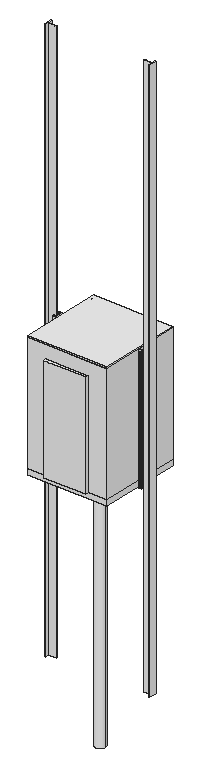
Revit family "Elevator-Hydraulic", category Specialty Equipment, Revit 2021
Family settings
  Round Connector Dimension = Use Diameter
  Part Type = Normal
  Work Plane-Based = No
  Always vertical = Yes
  Cut with Voids When Loaded = No
  Shared = No
  Room Calculation Point = No
Parameters (values of type "1500 lbs")
  Default Elevation = 0' - 0"
  Cab Location = 12' - 0"
  Width = 6' - 8"
  Pit Depth = 4' - 0"
  Height [instance] = 36' - 0"
  Door Opening = 2' - 8"
  Depth = Cab Depth + 0' 9"  # 5' - 9"
  Cab Width = 4' - 10"
  Cab Height = 7' - 6"
  Cab Depth = 5' - 0"
Types (6): name | Width | Door Opening | Depth | Cab Width | Cab Depth
  (no name) | 6' - 8" | 2' - 8" | 5' - 9" | 4' - 10" | 5' - 0"
  1500 lbs | 6' - 8" | 2' - 8" | 5' - 9" | 4' - 10" | 5' - 0"
  2000 lbs | 7' - 4" | 3' - 0" | 5' - 9" | 6' - 0" | 5' - 0"
  2500 lbs | 8' - 4" | 3' - 6" | 5' - 9" | 7' - 0" | 5' - 0"
  3000 lbs | 8' - 4" | 3' - 6" | 6' - 3" | 7' - 0" | 5' - 6"
  3500 lbs | 8' - 4" | 4' - 0" | 6' - 11" | 7' - 0" | 6' - 2"
Reference planes (in)
  plane 1 "Center (Front/Back)": y = 0.1111
  plane 2: z = 0
  plane 3 "Center (Left/Right)": x = 0.29319
  plane 4 "Back": y = 33.1111
  plane 5 "Front": y = -35.8889
  plane 6 "Left": x = -39.70681
  plane 7 "Right": x = 40.29319
  plane 8: x = -28.70681
  plane 9: y = 30.1111
  plane 10: x = 29.29319
  plane 11: y = -29.8889
  plane 12: z = 432
  plane 13: z = -48
  plane 14: z = 144
  plane 15: z = 234
  plane 16: z = 140
  plane 17: z = 235
  plane 18: x = -15.70681
  plane 19: z = 224
  plane 20: x = 16.29319
Forms (in)
  Extrusion 1, solid, material "Metal - Steel"
    sketch origin (0, 0, 0) x (1, 0, 0) y (0, 1, 0)
      loop
        line (-28.70681, 30.1111) -> (-28.70681, -29.8889) -> (29.29319, -29.8889) -> (29.29319, 30.1111) -> (-28.70681, 30.1111)
      loop
        line (30.79319, -31.3889) -> (30.79319, 31.6111) -> (-30.20681, 31.6111) -> (-30.20681, -31.3889) -> (30.79319, -31.3889)
    from 144 to 234
  Extrusion 2, solid, material "Metal - Steel"
    sketch origin (0, 0, 0) x (1, 0, 0) y (0, 1, 0)
      loop
        circle (0.29319, 0.1111) r 4
    from -48 to 140
  Extrusion 3, solid, material "Metal - Steel"
    sketch origin (0, 0, 0) x (1, 0, 0) y (0, 1, 0)
      loop
        line (-30.20681, 31.6111) -> (-30.20681, -31.3889) -> (30.79319, -31.3889) -> (30.79319, 31.6111) -> (-30.20681, 31.6111)
    from 140 to 144
  Extrusion 4, solid, material "Metal - Steel"
    sketch origin (0, 0, 0) x (1, 0, 0) y (0, 1, 0)
      loop
        line (-30.20681, 31.6111) -> (-30.20681, -31.3889) -> (30.79319, -31.3889) -> (30.79319, 31.6111) -> (-30.20681, 31.6111)
    from 234 to 235
  Extrusion 5, solid, material "Metal - Steel"
    sketch origin (0, 0.25, 0) x (1, 0, 0) y (0, 1, 0)
      loop
        line (-15.70681, -31.8889) -> (-15.70681, -33.8889) -> (16.29319, -33.8889) -> (16.29319, -31.8889) -> (-15.70681, -31.8889)
    from 144 to 224
  Extrusion 6, solid, material "Metal - Steel", detail levels medium+fine
    sketch origin (0, 0, 0) x (1, 0, 0) y (0, 1, 0)
      loop
        line (-39.70681, 3.1111) -> (-39.70681, -2.8889) -> (-39.20681, -2.8889) -> (-39.20681, -0.1389) -> (-32.95681, -0.1389) -> (-32.95681, 0.3611) -> (-39.20681, 0.3611) -> (-39.20681, 3.1111) -> (-39.70681, 3.1111)
      loop
        line (40.29319, 3.1111) -> (39.79319, 3.1111) -> (39.79319, 0.3611) -> (33.54319, 0.3611) -> (33.54319, -0.1389) -> (39.79319, -0.1389) -> (39.79319, -2.8889) -> (40.29319, -2.8889) -> (40.29319, 3.1111)
    from 0 to 432
  Extrusion 7, solid, material "Metal - Steel", detail levels medium+fine
    sketch origin (0, 0, 0) x (1, 0, 0) y (0, 1, 0)
      loop
        line (-33.45681, 3.1111) -> (-33.45681, 2.6111) -> (-31.95681, 2.6111) -> (-31.95681, -2.3889) -> (-33.45681, -2.3889) -> (-33.45681, -2.8889) -> (-31.45681, -2.8889) -> (-31.45681, 3.1111) -> (-33.45681, 3.1111)
      loop
        line (34.04319, 3.1111) -> (32.04319, 3.1111) -> (32.04319, -2.8889) -> (34.04319, -2.8889) -> (34.04319, -2.3889) -> (32.54319, -2.3889) -> (32.54319, 2.6111) -> (34.04319, 2.6111) -> (34.04319, 3.1111)
    from 140 to 235
  Extrusion 8, void
    sketch origin (0, 0.1111, 0) x (1, 0, 0) y (0, 0, 1)
      loop
        line (-15.70681, 224) -> (-15.70681, 144) -> (16.29319, 144) -> (16.29319, 224) -> (-15.70681, 224)
    from -30 to 36
Cuts and joins
  Extrusion 8 cuts Extrusion 1
  Extrusion 8 cuts Extrusion 3
  Extrusion 8 cuts Extrusion 6
  Extrusion 8 cuts Extrusion 7
Lines and regions (in)
  symbolic lines, style "InvisibleLines"
    curve 1: line (-39.70681, 33.1111, 0) -> (40.29319, 33.1111, 0)
    curve 2: line (-39.70681, -35.8889, 0) -> (-39.70681, 33.1111, 0)
    curve 3: line (40.29319, -35.8889, 0) -> (-39.70681, -35.8889, 0)
    curve 4: line (40.29319, 33.1111, 0) -> (40.29319, -35.8889, 0)
  symbolic lines, style "Elevator"
    curve 5: line (30.79319, 31.6111, 0) -> (-30.20681, 31.6111, 0)
    curve 6: line (30.79319, -31.3889, 0) -> (30.79319, 31.6111, 0)
    curve 8: line (-30.20681, 31.6111, 0) -> (-30.20681, -31.3889, 0)
    curve 30: line (-30.20681, 31.6111, 0) -> (30.79319, -31.3889, 0)
    curve 31: line (30.79319, 31.6111, 0) -> (-30.20681, -31.3889, 0)
  symbolic lines, style "Elevator", detail levels medium+fine
    curve 7: line (29.29319, 30.1111, 0) -> (29.29319, -29.8889, 0)
    curve 9: line (-28.70681, -29.8889, 0) -> (-28.70681, 30.1111, 0)
    curve 10: line (-28.70681, 30.1111, 0) -> (29.29319, 30.1111, 0)
    curve 11: line (-28.70681, -29.8889, 0) -> (-15.70681, -29.8889, 0)
    curve 12: line (-15.70681, -31.3889, 0) -> (-30.20681, -31.3889, 0)
    curve 13: line (-15.70681, -29.8889, 0) -> (-15.70681, -31.3889, 0)
    curve 14: line (30.79319, -31.3889, 0) -> (16.29319, -31.3889, 0)
    curve 15: line (16.29319, -29.8889, 0) -> (29.29319, -29.8889, 0)
    curve 16: line (16.29319, -31.3889, 0) -> (16.29319, -29.8889, 0)
    curve 17: line (-39.70681, -32.8889, 0) -> (-37.70681, -32.8889, 0)
    curve 18: line (-37.70681, -32.8889, 0) -> (-37.70681, -20.8889, 0)
    curve 19: line (-37.70681, -20.8889, 0) -> (-39.70681, -20.8889, 0)
    curve 20: line (-38.70681, -20.8889, 0) -> (-38.70681, -32.8889, 0)
    curve 21: line (-38.70681, -21.3889, 0) -> (-39.70681, -21.3889, 0)
    curve 22: line (-38.70681, -32.3889, 0) -> (-39.70681, -32.3889, 0)
    curve 23: line (-39.70681, -34.3889, 0) -> (40.29319, -34.3889, 0)
    curve 24: line (-15.70681, -31.6389, 0) -> (16.29319, -31.6389, 0)
    curve 25: line (-15.70681, -33.6389, 0) -> (-15.70681, -31.6389, 0)
    curve 26: line (16.29319, -33.6389, 0) -> (-15.70681, -33.6389, 0)
    curve 27: line (16.29319, -31.6389, 0) -> (16.29319, -33.6389, 0)
    curve 28: line (0.29319, -33.6389, 0) -> (0.29319, -31.6389, 0)
  symbolic lines, style "Elevator", detail levels coarse
    curve 29: line (-30.20681, -31.3889, 0) -> (30.79319, -31.3889, 0)
Dimensions and locks (in)
  "Width": plane 6 "Left" to plane 7 "Right"
  equal spacing: plane 6 "Left", plane 3 "Center (Left/Right)", plane 7 "Right"
  equal spacing: plane 8, plane 3 "Center (Left/Right)", plane 10
  "Cab Width": plane 8 to plane 10
  "Height": plane 2 to plane 12
  "Cab Height": plane 14 to plane 15
  "Cab Location": plane 2 to plane 14
  "Pit Depth": plane 2 to plane 13
  locked: plane 16 to plane 14 at 4
  locked: plane 15 to plane 17 at 1
  locked: plane 19 to plane 14 at 80
  "Door Opening": plane 20 to plane 18
  equal spacing: plane 20, plane 3 "Center (Left/Right)", plane 18
  equal spacing: plane 11, plane 1 "Center (Front/Back)", plane 9
  "Cab Depth": plane 11 to plane 9
  "Depth": plane 5 "Front" to plane 4 "Back"
  plane 9 to plane 4 "Back" = 0' - 3"
  plane 5 "Front" to plane 11 = 0' - 6"
  plane 6 "Left" to plane 8 = 0' - 11"
  plane 10 to plane 7 "Right" = 0' - 11"
  aligned and locked: Extrusion 1 to plane 15
  aligned and locked: plane 13 to Extrusion 2
  aligned and locked: plane 14 to Extrusion 1
  aligned and locked: Extrusion 4 to plane 17
  aligned and locked: Extrusion 4 to Extrusion 1
  aligned and locked: Extrusion 5 to plane 19
  aligned and locked: Extrusion 6 to plane 12
  aligned and locked: Extrusion 7 to plane 17
  aligned and locked: plane 16 to Extrusion 7
  aligned and locked: plane 14 to Extrusion 5
  aligned and locked: Extrusion 4 sketch curve to curve 8
  aligned and locked: Extrusion 4 sketch curve to curve 6
  aligned and locked: curve 9 to Extrusion 1 sketch curve
  aligned and locked: Extrusion 1 sketch curve to curve 10
  aligned and locked: curve 15 to Extrusion 1 sketch curve
  aligned and locked: Extrusion 1 sketch curve to curve 7
  aligned and locked: Extrusion 1 sketch curve to curve 29
  aligned and locked: Extrusion 1 sketch curve to curve 8
  aligned and locked: Extrusion 1 sketch curve to curve 5
  aligned and locked: Extrusion 5 to Extrusion 8 sketch curve
  aligned and locked: Extrusion 8 sketch curve to Extrusion 5  (x3)
  aligned and locked: Extrusion 8 to plane 9
  aligned and locked: plane 5 "Front" to Extrusion 8
  aligned and locked: Extrusion 3 sketch curve to curve 29
  aligned and locked: Extrusion 3 sketch curve to curve 5
  aligned and locked: Extrusion 3 sketch curve to curve 8
  aligned and locked: Extrusion 3 sketch curve to curve 6
  aligned and locked: cut or joined group of Extrusion 3, Extrusion 8 to plane 14
  aligned and locked: plane 14 to cut or joined group of Extrusion 1, Extrusion 8
  aligned and locked: plane 14 to cut or joined group of Extrusion 3, Extrusion 8
  aligned and locked: plane 16 to cut or joined group of Extrusion 3, Extrusion 8
  aligned and locked: Extrusion 2 to plane 16
  aligned and locked: cut or joined group of Extrusion 6, Extrusion 8 to level
  aligned and locked: plane 18 to Extrusion 5 sketch curve
  aligned and locked: Extrusion 5 sketch curve to plane 20
Automatic sketch dimensions
  Extrusion 2 sketch curve to plane 1 "Center (Front/Back)" = 0' - 0"
  Extrusion 2 sketch curve to plane 3 "Center (Left/Right)" = 0' - 0"
  Extrusion 2 sketch curve to plane 3 "Center (Left/Right)" = 0' - 4"
  Extrusion 5 sketch curve to plane 5 "Front" = 0' - 2 1/4"
  Extrusion 5 sketch curve to Extrusion 5 sketch curve = 0' - 2"
  Extrusion 6 sketch curve to plane 6 "Left" = 0' - 0"
  Extrusion 6 sketch curve to plane 7 "Right" = 0' - 0"
  Extrusion 6 sketch curve to plane 1 "Center (Front/Back)" = 0' - 0 1/4"  (x2)
  plane 6 "Left" to Extrusion 6 sketch curve = 0' - 0 1/2"
  Extrusion 6 sketch curve to Extrusion 6 sketch curve = 0' - 0 1/2"  (x2)
  plane 1 "Center (Front/Back)" to Extrusion 6 sketch curve = 0' - 0 1/4"  (x2)
  plane 7 "Right" to Extrusion 6 sketch curve = 0' - 0 1/2"
  Extrusion 6 sketch curve to Extrusion 6 sketch curve = 0' - 2 3/4"  (x4)
  Extrusion 6 sketch curve to plane 8 = 0' - 4 1/4"
  Extrusion 6 sketch curve to plane 10 = 0' - 4 1/4"
  Extrusion 7 sketch curve to plane 8 = 0' - 4 3/4"  (x2)
  Extrusion 7 sketch curve to Extrusion 7 sketch curve = 0' - 1 1/2"  (x3)
  Extrusion 7 sketch curve to Extrusion 7 sketch curve = 0' - 0 1/2"  (x6)
  Extrusion 7 sketch curve to plane 10 = 0' - 2 3/4"
  plane 1 "Center (Front/Back)" to Extrusion 7 sketch curve = 0' - 3"  (x2)
  Extrusion 7 sketch curve to plane 1 "Center (Front/Back)" = 0' - 2 1/2"  (x2)
  plane 11 to Extrusion 4 sketch curve = 0' - 1 1/2"
  plane 4 "Back" to Extrusion 4 sketch curve = 0' - 1 1/2"
  Extrusion 1 sketch curve to plane 10 = 0' - 1 1/2"
  curve 1 to plane 4 "Back" = 0' - 0"
  curve 1 to plane 6 "Left" = 0' - 0"
  curve 19 to plane 6 "Left" = 0' - 0"
  curve 17 to plane 6 "Left" = 0' - 0"
  curve 23 to plane 6 "Left" = 0' - 0"
  curve 22 to plane 6 "Left" = 0' - 0"
  curve 21 to plane 6 "Left" = 0' - 0"
  curve 10 to plane 8 = 0' - 0"
  curve 25 to plane 18 = 0' - 0"
  curve 13 to plane 18 = 0' - 0"
  curve 28 to plane 3 "Center (Left/Right)" = 0' - 0"
  curve 15 to plane 11 = 0' - 0"
  curve 15 to plane 20 = 0' - 0"
  curve 26 to plane 20 = 0' - 0"
  curve 15 to plane 10 = 0' - 0"
  curve 1 to plane 7 "Right" = 0' - 0"
  curve 23 to plane 7 "Right" = 0' - 0"
  curve 4 to plane 5 "Front" = 0' - 0"
  curve 13 to plane 11 = 0' - 0"
  curve 10 to plane 9 = 0' - 0"
  plane 6 "Left" to curve 22 = 0' - 1"
  curve 20 to curve 18 = 0' - 1"
  curve 8 to plane 8 = 0' - 1 1/2"
  curve 30 to curve 5 = 0' - 0"  (x2)
  curve 31 to curve 8 = 0' - 0"  (x2)
  curve 6 to plane 10 = 0' - 1 1/2"
  curve 30 to curve 6 = 0' - 0"  (x2)
  curve 31 to curve 5 = 0' - 0"  (x2)
  curve 23 to plane 5 "Front" = 0' - 1 1/2"
  curve 26 to plane 5 "Front" = 0' - 2 1/4"
  curve 23 to curve 17 = 0' - 1 1/2"
  curve 17 to curve 22 = 0' - 0 1/2"
  plane 11 to curve 27 = 0' - 1 3/4"
  plane 11 to curve 12 = 0' - 1 1/2"
  curve 21 to plane 11 = 0' - 8 1/2"
  curve 21 to curve 19 = 0' - 0 1/2"
  plane 4 "Back" to curve 8 = 0' - 1 1/2"
